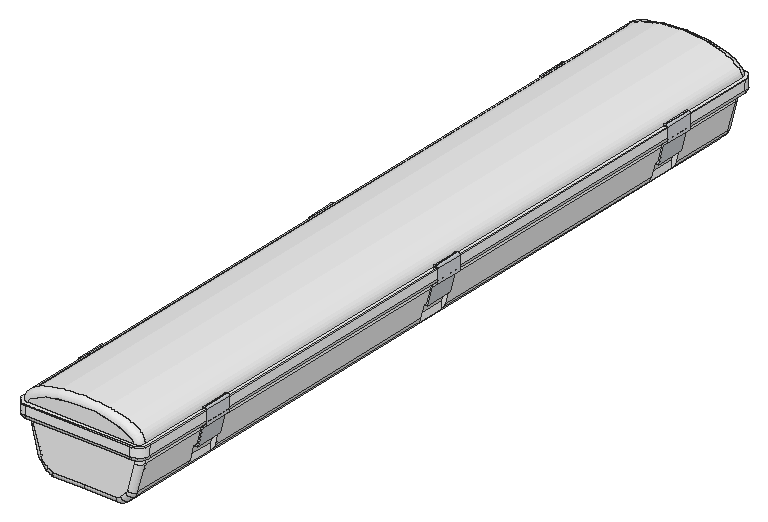
Revit family "0048690 Feilo Sylvania Lighting Fixture SYLPRF SUP LED G3 600MM T 4K", category Lighting Fixtures, host Face, Revit 2016
Family settings
  Host = Face
  Part Type = Normal
  Round Connector Dimension = Use Diameter
  OmniClass Number = 23.80.70.11.14
  OmniClass Title = General Luminaries, Directional
  Cut with Voids When Loaded = No
  Light Source = Yes
  Shared = No
  Room Calculation Point = No
Parameters (values of type "0048690 SYLPRF SUP LED G3 600MM T 4K  ")
  Width = 110 mm
  Weight = "1.18 kg"
  Wattage Comments = "n/a"
  Wattage = 19 W
  WarrantyStartDate [instance] = "n/a"
  WarrantyGuarantorParts = "n/a"
  WarrantyDurationUnit = "n/a"
  WarrantyDurationParts = "n/a"
  WarrantyDescription = "n/a"
  built-in parameter 1150110 = 1 (stored number, unit not read)
  Voltage = 230 V
  URL = "http://www.sylvania-lighting.com"
  TypeName = "SYLPRF SUP LED G3 600MM T 4K"
  Type Image = <None>
  Type Comments = "n/a"
  built-in parameter 1114217 = 1 (stored number, unit not read)
  Tilt Angle = -90.00°
  built-in parameter 1150109 = 1 (stored number, unit not read)
  built-in parameter 1150134 = 12
  built-in parameter 1150113 = 1 (stored number, unit not read)
  SerialNumber [instance] = "n/a"
  ReflectorMaterial = none
  PowerFactor = 0
  PowerConsumption = "19 W"
  Photometric Web File = "0048690.ies"
  NominalWidth = 0 mm
  NominalLength = 665 mm
  NominalHeight = 78 mm
  Name = "SYLPRF SUP LED G3 600MM T 4K"
  ModelReference = "SYLPRF SUP LED G3 600MM T 4K"
  ModelNumber = "0048690"
  Model = "SYLPRF SUP LED G3 600MM T 4K"
  Material = "grp housing, polycarbonate diffuser"
  ManufacturerName = "Feilo Sylvania"
  Manufacturer = "Feilo Sylvania"
  LuminousEfficacy = "140 lm/W"
  built-in parameter 1150105 = 211.68 (stored number, unit not read)
  Lumens = 2660 lm
  LuminaireType = ""
  built-in parameter 1150115 = 1 (stored number, unit not read)
  LightOutputRatio = "n/a"
  built-in parameter 1150137 = (empty or 0)
  built-in parameter 1150139 = (empty or 0)
  Length = 665 mm
  LampsType = Lamp  # "LED"
  LampNominalLuminous = "2700 lm"
  LampMacAdamStep = "3"
  LampColourTemperature = "4000 K"
  LampColourRenderingIndex = "80"
  built-in parameter 1150112 = 1 (stored number, unit not read)
  built-in parameter 1150114 = 1 (stored number, unit not read)
  Lamp = "LED"
  Keynote = "16500"
  InstallationDate [instance] = "n/a"
  InputVoltage = "220-240V~"
  InputNominalFrequency = "50/60 Hz"
  built-in parameter 1150132 = (empty or 0)
  built-in parameter 1150102 = (empty or 0)
  built-in parameter 1150107 = 4000 (stored number, unit not read)
  built-in parameter 1150138 = (empty or 0)
  IngressProtection = "IP65"
  ImpactProtectionIndex = "IK08"
  built-in parameter 1150106 = 2.1168 (stored number, unit not read)
  IfcExportType = "IfcLightFixtureType"
  IfcExportAs = "IfcLightFixtureType"
  ExpectedLife = 50000
  Emit from Rectangle Width = Width - 20 mm  # 90 mm
  Emit from Rectangle Length = Length - 20 mm  # 645 mm
  Emit Shape Visible in Rendering = no
  ElectricShockClassification = "Class I"
  built-in parameter 1150104 = 13.006 (stored number, unit not read)
  DurationUnit = "hours"
  DocumentationLiterature = "http://www.sylvania-lighting.com/product/en-int/products/0048690"
  DimmingControlOptions = "Non dimmable"
  Dimming Lamp Color Temperature Shift = <None>
  DiffuserMaterial = Diffuser-Sylvania-Transparent
  Description = "Sylproof Superia, integrated LED weatherproof luminaire, with UV stabilized flat diffuser and linear prisms designed to achieve uniform lit appearance, optimise light output and to reduce glare, stainless steel diffuser clips and fixing brackets for surface and wall mounting. L 665 mm x W 110 mm x H 78 mm size, GRP housing, Polycarbonate diffuser, Non dimmable,   4000K, CRI80,  2700 lm, 19 W, 140 lm/W, nominal average life (h):50000, energy class: A++ A+ A Class I, IK08, IP65."
  Default Elevation = 1219.2 mm
  CreatedOn = "3/27/2018"
  CreatedBy = "aron.fodor@feilosylvania.com"
  Cost = 0
  Color Filter = 16777215
  built-in parameter 1114216 [instance] = (empty or 0)
  ClassificationValue = "EF_70_80"
  ClassificationName = "Uniclass2015"
  BracketOffset_FEILO = 360 mm
  BodyMaterial = Body-Sylvania-Gray
  BarCode [instance] = "n/a"
  built-in parameter 1114218 = 1 (stored number, unit not read)
  built-in parameter 1150133 = 10 (stored number, unit not read)
  AssetType = "Fixed"
  AssetIdentifier [instance] = "n/a"
  Assembly Code = "D5020200"
  Apparent Load = 19 VA
  AccessoryMaterial = Diffuser-Sylvania-Glow
Reference planes
  plane 1 "Center (Front/Back)": y = 0
  plane 2: z = 0
  plane 3 "Center (Left/Right)": x = 0
  plane 4: z = 54
  plane 5: x = -27.7
  plane 6: x = -34.8
  plane 7: x = -39.6
  plane 8: x = -42.2
  plane 9: z = 3
  plane 10: z = 7.8
  plane 11: z = 12.3
  plane 12: z = 36.6
  plane 13: z = 42.8
  plane 14: x = -51.1
  plane 15: z = 46.2
  plane 16: x = -55
  plane 17: y = 332.5
  plane 18: y = -332.5
  plane 19: x = 27.7
  plane 20: x = 34.8
  plane 21: x = 39.6
  plane 22: x = 42.2
  plane 23: x = 51.1
  plane 24: x = 55
  plane 25: y = 324.9
  plane 26: y = -324.9
  plane 27: y = -321.2
  plane 28: y = 321.2
  plane 29: z = 74
  plane 30: x = -51.5
  plane 31: x = 51.5
  plane 32: z = 55.2
  plane 33: y = -329
  plane 34: y = 329
  plane 35: x = -37.5
  plane 36: x = 37.5
  plane 37: x = -48.7
  plane 38: x = 48.7
  plane 39: x = 18
  plane 40: x = -18
  plane 41: z = 50.2
  plane 42: z = 24.6
  plane 43: y = 720
  plane 44: y = 706
  plane 45: y = 734
  plane 46: y = 250
  plane 47: y = 236
  plane 48: y = 264
  plane 49: y = 0
  plane 50: y = -14
  plane 51: y = 14
  plane 52: y = -250
  plane 53: y = -264
  plane 54: y = -236
Forms (mm)
  Sweep 1, solid, material "Body-Sylvania-Gray" <- "BodyMaterial", detail levels medium+fine
    path origin (1223.4, -4572, 54) x (0, -1, 0) y (1, 0, 0)
      loop
        arc (-4249.5, -1278.4) -> (-4242.429, -1275.471) -> (-4239.5, -1268.4) r 10
        line (-4239.5, -1268.4) -> (-4239.5, -1178.4)
        arc (-4239.5, -1178.4) -> (-4242.429, -1171.329) -> (-4249.5, -1168.4) r 10
        line (-4249.5, -1168.4) -> (-4894.5, -1168.4)
        arc (-4894.5, -1168.4) -> (-4901.571, -1171.329) -> (-4904.5, -1178.4) r 10
        line (-4904.5, -1178.4) -> (-4904.5, -1268.4)
        arc (-4904.5, -1268.4) -> (-4901.571, -1275.471) -> (-4894.5, -1278.4) r 10
        line (-4894.5, -1278.4) -> (-4249.5, -1278.4)
    profile origin (-55, 0, 54) x (-1, 0, 0) y (0, 0, 1)
      loop
        line (0, 0) -> (-1, 0) -> (-1, -7.726)
        arc (-1, -7.726) -> (-1.994, -9.498) -> (-3.9, -10.2) r 2.937
        line (-3.9, -10.2) -> (-8.571, -10.2) -> (-8.571, -11.2) -> (-3.9, -11.2)
        arc (-3.9, -11.2) -> (-1.313, -10.231) -> (0, -7.8) r 3.937
        line (0, -7.8) -> (0, 0)
  Sweep 2, solid, material "Body-Sylvania-Gray" <- "BodyMaterial", detail levels medium+fine
    path origin (0, 0, 0) x (1, 0, 0) y (0, 0, 1)
      loop
        line (48.7, 42.8) -> (48.7, 36.6) -> (42.203, 12.31)
        arc (42.203, 12.31) -> (41.199, 9.884) -> (39.6, 7.8) r 10.052
        line (39.6, 7.8) -> (34.8, 3)
        arc (34.8, 3) -> (31.554, 0.781) -> (27.7, 0) r 9.902
        line (27.7, 0) -> (0, 0) -> (-27.7, 0)
        arc (-27.7, 0) -> (-31.554, 0.781) -> (-34.8, 3) r 9.902
        line (-34.8, 3) -> (-39.6, 7.8)
        arc (-39.6, 7.8) -> (-41.199, 9.884) -> (-42.203, 12.31) r 10.052
        line (-42.203, 12.31) -> (-48.7, 36.6) -> (-48.7, 42.8)
    profile origin (0, 0, 0) x (0, 0, -1) y (0, -1, 0)
      loop
        arc (0, 319.9) -> (-1.464, 323.436) -> (-5, 324.9) r 5
        line (-5, 324.9) -> (-7.8, 324.9) -> (-7.8, -324.9) -> (-5, -324.9)
        arc (-5, -324.9) -> (-1.464, -323.436) -> (0, -319.9) r 5
        line (0, -319.9) -> (0, 319.9)
  Extrusion 3, solid, material "Body-Sylvania-Gray" <- "BodyMaterial", detail levels medium+fine
    sketch origin (1524, 324.9, 1219.2) x (1, 0, 0) y (0, 0, 1)
      loop
        arc (-1558.668, -1204.874) -> (-1558.443, -1205.418) -> (-1558.085, -1205.885) r 2.252
        line (-1558.085, -1205.885) -> (-1553.231, -1210.738)
        arc (-1553.231, -1210.738) -> (-1552.534, -1211.227) -> (-1551.7, -1211.4) r 2.102
        line (-1551.7, -1211.4) -> (-1496.3, -1211.4)
        arc (-1496.3, -1211.4) -> (-1495.466, -1211.227) -> (-1494.769, -1210.738) r 2.102
        line (-1494.769, -1210.738) -> (-1489.915, -1205.885)
        arc (-1489.915, -1205.885) -> (-1489.557, -1205.418) -> (-1489.332, -1204.874) r 2.252
        line (-1489.332, -1204.874) -> (-1483.1, -1181.575) -> (-1483.1, -1176.4) -> (-1564.9, -1176.4) -> (-1564.9, -1181.575) -> (-1558.668, -1204.874)
    from 0 to 649.8
  Sweep 4, solid, material "Diffuser-Sylvania-Transparent" <- "DiffuserMaterial", detail levels medium+fine
    path origin (0, 0, 0) x (1, 0, 0) y (0, 0, 1)
      loop
        spline (-51.5, 55.2) -> (-49.745, 60.066) -> (-44.6, 64.6) -> (-36.416, 68.494) -> (-25.75, 71.481) -> (-13.329, 73.359) -> (0, 74) -> (13.329, 73.359) -> (25.75, 71.481) -> (36.416, 68.494) -> (44.6, 64.6) -> (49.745, 60.066) -> (51.5, 55.2)
    profile origin (51.5, 0, 55.2) x (0, -1, 0) y (1, 0, 0)
      loop
        arc (329, -5.5) -> (327.389, -1.611) -> (323.5, 0) r 5.5
        line (323.5, 0) -> (-323.5, 0)
        arc (-323.5, 0) -> (-327.389, -1.611) -> (-329, -5.5) r 5.5
        line (-329, -5.5) -> (-329, -6.3) -> (-328, -6.3) -> (-328, -5.5)
        arc (-328, -5.5) -> (-326.682, -2.318) -> (-323.5, -1) r 4.5
        line (-323.5, -1) -> (323.5, -1)
        arc (323.5, -1) -> (326.682, -2.318) -> (328, -5.5) r 4.5
        line (328, -5.5) -> (328, -6.347) -> (329, -6.347) -> (329, -5.5)
  Extrusion 5, solid, material "Diffuser-Sylvania-Transparent" <- "DiffuserMaterial", detail levels medium+fine
    sketch origin (1524, -329, 1219.2) x (1, 0, 0) y (0, 0, 1)
      loop
        line (-1569.653, -1164) -> (-1478.347, -1164)
        spline (-1478.347, -1164) -> (-1478.969, -1162.594) -> (-1482.527, -1159.545) -> (-1489.588, -1156.201) -> (-1499.458, -1153.445) -> (-1511.242, -1151.663) -> (-1524, -1151.049) -> (-1536.758, -1151.663) -> (-1548.542, -1153.445) -> (-1558.412, -1156.201) -> (-1565.473, -1159.545) -> (-1569.031, -1162.594) -> (-1569.653, -1164)
    from 0 to -1
  Extrusion 6, solid, material "Diffuser-Sylvania-Transparent" <- "DiffuserMaterial", detail levels medium+fine
    sketch origin (1524, 329, 1219.2) x (1, 0, 0) y (0, 0, 1)
      loop
        spline (-1478.3, -1164) -> (-1478.931, -1162.565) -> (-1482.502, -1159.505) -> (-1489.572, -1156.155) -> (-1499.446, -1153.394) -> (-1511.236, -1151.614) -> (-1524, -1151.007) -> (-1536.764, -1151.614) -> (-1548.554, -1153.394) -> (-1558.428, -1156.155) -> (-1565.498, -1159.505) -> (-1569.069, -1162.565) -> (-1569.7, -1164)
        line (-1569.7, -1164) -> (-1478.3, -1164)
    from 0 to 1
  Extrusion 7, solid, material "Diffuser-Sylvania-Transparent" <- "DiffuserMaterial", detail levels medium+fine
    sketch origin (1223.4, -4572, 55.2) x (0, -1, 0) y (-1, 0, 0)
      loop
        arc (-4900, 1177.4) -> (-4898.682, 1174.218) -> (-4895.5, 1172.9) r 4.5
        line (-4895.5, 1172.9) -> (-4248.5, 1172.9)
        arc (-4248.5, 1172.9) -> (-4245.318, 1174.218) -> (-4244, 1177.4) r 4.5
        line (-4244, 1177.4) -> (-4244, 1269.4)
        arc (-4244, 1269.4) -> (-4245.318, 1272.582) -> (-4248.5, 1273.9) r 4.5
        line (-4248.5, 1273.9) -> (-4895.5, 1273.9)
        arc (-4895.5, 1273.9) -> (-4898.682, 1272.582) -> (-4900, 1269.4) r 4.5
        line (-4900, 1269.4) -> (-4900, 1177.4)
      loop
        line (-4904.5, 1268.4) -> (-4904.5, 1178.4)
        arc (-4904.5, 1178.4) -> (-4901.571, 1171.329) -> (-4894.5, 1168.4) r 10
        line (-4894.5, 1168.4) -> (-4249.5, 1168.4)
        arc (-4249.5, 1168.4) -> (-4242.429, 1171.329) -> (-4239.5, 1178.4) r 10
        line (-4239.5, 1178.4) -> (-4239.5, 1268.4)
        arc (-4239.5, 1268.4) -> (-4242.429, 1275.471) -> (-4249.5, 1278.4) r 10
        line (-4249.5, 1278.4) -> (-4894.5, 1278.4)
        arc (-4894.5, 1278.4) -> (-4901.571, 1275.471) -> (-4904.5, 1268.4) r 10
    from 0 to 1.2
  Extrusion 8, solid, material "Diffuser-Sylvania-Glow" <- "AccessoryMaterial", detail levels fine
    sketch origin (0, 0, 0) x (1, 0, 0) y (0, 0, 1)
      loop
        circle (-18, 50.2) r 8
      loop
        circle (18, 50.2) r 8
    from -321.2 to 321.2
  Extrusion 9, solid, material "Body-Sylvania-Gray" <- "BodyMaterial", detail levels coarse
    sketch origin (0, 0, 0) x (1, 0, 0) y (0, 0, 1)
      loop
        line (55, 42.8) -> (55, 55.2) -> (-55, 55.2) -> (-55, 42.791) -> (-42.2, 0) -> (42.2, 0) -> (55, 42.8)
    from -332.5 to 332.5
  Extrusion 10, solid, material "Diffuser-Sylvania-Transparent" <- "DiffuserMaterial", detail levels coarse
    sketch origin (0, 0, 0) x (1, 0, 0) y (0, 0, 1)
      loop
        arc (51.5, 55.2) -> (0, 74) -> (-51.5, 55.2) r 79.939
        line (-51.5, 55.2) -> (51.5, 55.2)
    from 324.9 to -324.9
  Extrusion 11, void, not visible
    sketch origin (0, 720, 2343.807) x (0, 0, -1) y (-1, 0, 0)
      loop
        line (2340.807, -37.5) -> (2331.507, -37.5) -> (2319.207, -42.2) -> (2319.207, -48.7) -> (2340.807, -48.7) -> (2340.807, -37.5)
      loop
        line (2340.807, 37.5) -> (2340.807, 48.7) -> (2319.207, 48.7) -> (2319.207, 42.2) -> (2331.507, 37.5) -> (2340.807, 37.5)
    from -14 to 14
  Extrusion 12, void
    sketch origin (0, 250, 2343.807) x (0, 0, -1) y (-1, 0, 0)
      loop
        line (2340.807, -37.5) -> (2331.507, -37.5) -> (2319.207, -42.2) -> (2319.207, -48.7) -> (2340.807, -48.7) -> (2340.807, -37.5)
      loop
        line (2340.807, 37.5) -> (2340.807, 48.7) -> (2319.207, 48.7) -> (2319.207, 42.2) -> (2331.507, 37.5) -> (2340.807, 37.5)
    from -14 to 14
  Extrusion 13, void
    sketch origin (0, 0, 2343.807) x (0, 0, -1) y (-1, 0, 0)
      loop
        line (2340.807, -37.5) -> (2331.507, -37.5) -> (2319.207, -42.2) -> (2319.207, -48.7) -> (2340.807, -48.7) -> (2340.807, -37.5)
      loop
        line (2340.807, 37.5) -> (2340.807, 48.7) -> (2319.207, 48.7) -> (2319.207, 42.2) -> (2331.507, 37.5) -> (2340.807, 37.5)
    from -14 to 14
  Extrusion 14, void
    sketch origin (0, -250, 2343.807) x (0, 0, -1) y (-1, 0, 0)
      loop
        line (2340.807, -37.5) -> (2331.507, -37.5) -> (2319.207, -42.2) -> (2319.207, -48.7) -> (2340.807, -48.7) -> (2340.807, -37.5)
      loop
        line (2340.807, 37.5) -> (2340.807, 48.7) -> (2319.207, 48.7) -> (2319.207, 42.2) -> (2331.507, 37.5) -> (2340.807, 37.5)
    from -14 to 14
Cuts and joins
  Extrusion 12, Extrusion 13, Extrusion 14 cuts Sweep 2
  Extrusion 12, Extrusion 13, Extrusion 14 cuts Extrusion 3
  joined: Sweep 2, Extrusion 3
  joined: Sweep 4, Extrusion 5, Extrusion 6
Dimensions and locks
  locked: plane 4 to plane 2 at 54
  plane 5 to plane 6 to plane 7 to plane 8 to plane 14 to plane 16 = 7.1 mm locked, 4.8 mm locked, 2.6 mm locked, 8.9 mm, 3.9 mm
  plane 4 to plane 15 to plane 13 to plane 12 to plane 11 to plane 10 to plane 9 = 7.8 mm locked, 3.4 mm, 6.2 mm locked, 24.3 mm locked, 4.5 mm locked, 4.8 mm locked
  equal spacing: plane 18, plane 1 "Center (Front/Back)", plane 17
  "Length": plane 18 to plane 17
  plane 19 to plane 20 to plane 21 to plane 22 to plane 23 to plane 24 = 7.1 mm locked, 4.8 mm locked, 2.6 mm locked, 8.9 mm, 3.9 mm
  equal spacing: plane 24, plane 3 "Center (Left/Right)", plane 16
  "Width": plane 24 to plane 16
  equal spacing: plane 27, plane 1 "Center (Front/Back)", plane 28
  locked: plane 26 to plane 27 at 3.7
  locked: Sweep 1 sketch curve to profile plane at 1
  locked: Sweep 1 sketch curve to plane 13 at 1
  locked: Sweep 1 sketch curve to plane 13 at 3.937  (x2)
  locked: Sweep 1 sketch curve to profile plane at 3.9  (x2)
  locked: plane 29 to plane 4 at 20
  equal spacing: plane 31, plane 3 "Center (Left/Right)", plane 30
  locked: plane 30 to plane 16 at 3.5
  locked: plane 32 to plane 4 at 1.2
  equal spacing: plane 33, plane 1 "Center (Front/Back)", plane 34
  equal spacing: plane 36, plane 3 "Center (Left/Right)", plane 35
  locked: plane 3 "Center (Left/Right)" to plane 35 at 37.5
  locked: plane 34 to plane 17 at 3.5
  equal spacing: plane 38, plane 3 "Center (Left/Right)", plane 37
  locked: plane 37 to plane 16 at 6.3
  equal spacing: plane 25, plane 1 "Center (Front/Back)", plane 26
  locked: plane 17 to plane 25 at 7.6
  locked: Sweep 2 sketch curve to plane 2 at 5  (x2)
  locked: Sweep 2 sketch curve to plane 26 at 5
  locked: plane 25 to Sweep 2 sketch curve at 5
  locked: Sweep 4 sketch curve to plane 31 at 5.5  (x2)
  locked: Sweep 4 sketch curve to plane 34 at 5.5
  plane 33 to Sweep 4 sketch curve = 5.5 mm
  locked: plane 34 to Sweep 4 sketch curve at 1
  locked: Sweep 4 sketch curve to plane 31 at 1
  locked: Sweep 4 sketch curve to Sweep 4 sketch curve at 1
  locked: Sweep 4 sketch curve to plane 31 at 6.347
  locked: Sweep 4 sketch curve to plane 31 at 6.3
  equal spacing: plane 39, plane 3 "Center (Left/Right)", plane 40
  locked: plane 3 "Center (Left/Right)" to plane 40 at 18
  locked: plane 42 to plane 2 at 24.6
  plane 45 to plane 43 to plane 44 = 14 mm locked, 14 mm locked
  plane 48 to plane 46 to plane 47 = 14 mm locked, 14 mm locked
  plane 51 to plane 49 to plane 50 = 14 mm locked, 14 mm locked
  plane 54 to plane 52 to plane 53 = 14 mm locked, 14 mm locked
  equal spacing: plane 46, plane 1 "Center (Front/Back)", plane 52
  locked: plane 46 to plane 1 "Center (Front/Back)" at 250
  aligned and locked: plane 2 to host face
  aligned and locked: level to host face
  aligned and locked: plane 16 to Sweep 1 sketch curve
  aligned and locked: Sweep 1 sketch curve to plane 24
  aligned and locked: plane 18 to Sweep 1 sketch curve
  aligned and locked: Sweep 1 sketch curve to plane 13
  aligned and locked: profile plane to Sweep 1 sketch curve
  aligned and locked: plane 3 "Center (Left/Right)" to Sweep 2 sketch curve
  aligned and locked: plane 9 to Sweep 2 sketch curve
  aligned and locked: plane 10 to Sweep 2 sketch curve
  aligned and locked: plane 37 to Sweep 2 sketch curve
  aligned and locked: plane 12 to Sweep 2 sketch curve
  aligned and locked: Sweep 2 sketch curve to level
  aligned and locked: plane 21 to Sweep 2 sketch curve
  aligned and locked: plane 38 to Sweep 2 sketch curve
  aligned and locked: profile plane to Sweep 2 sketch curve
  aligned and locked: plane 25 to Sweep 2 sketch curve
  aligned and locked: Sweep 2 sketch curve to plane 10
  aligned and locked: Extrusion 3 sketch curve to Sweep 2  (x7)
  aligned and locked: Sweep 2 to Extrusion 3 sketch curve
  aligned and locked: Extrusion 3 to plane 25
  aligned and locked: plane 26 to Extrusion 3
  aligned and locked: plane 32 to Sweep 4 sketch curve
  aligned and locked: plane 33 to Sweep 4 sketch curve
  aligned and locked: Sweep 4 to Extrusion 5
  aligned and locked: plane 33 to Extrusion 5
  aligned and locked: Extrusion 5 sketch curve to Sweep 4
  aligned and locked: cut or joined group of Sweep 4, Extrusion 5, Extrusion 6 to Extrusion 6 sketch curve
  aligned and locked: Extrusion 7 sketch curve to cut or joined group of Sweep 4, Extrusion 5, Extrusion 6  (x2)
  aligned and locked: cut or joined group of Sweep 4, Extrusion 5, Extrusion 6 to Extrusion 7 sketch curve  (x2)
  aligned and locked: plane 41 to Extrusion 8 sketch curve  (x2)
  aligned and locked: plane 39 to Extrusion 8 sketch curve
  aligned and locked: plane 27 to Extrusion 8
  aligned and locked: Extrusion 8 to plane 28
  aligned and locked: Extrusion 7 sketch curve to Sweep 1  (x4)
  aligned and locked: plane 4 to Extrusion 7
  aligned and locked: Extrusion 7 to plane 32
  aligned and locked: Extrusion 9 sketch curve to plane 24
  aligned and locked: Extrusion 9 sketch curve to Extrusion 7
  aligned and locked: plane 8 to Extrusion 9 sketch curve
  aligned and locked: plane 22 to Extrusion 9 sketch curve
  aligned and locked: level to Extrusion 9 sketch curve
  aligned and locked: Extrusion 9 to plane 17
  aligned and locked: plane 18 to Extrusion 9
  aligned and locked: cut or joined group of Sweep 4, Extrusion 5, Extrusion 6 to Extrusion 10 sketch curve
  aligned and locked: Extrusion 10 sketch curve to cut or joined group of Sweep 4, Extrusion 5, Extrusion 6  (x2)
  aligned and locked: plane 31 to Extrusion 10 sketch curve
  aligned and locked: plane 30 to Extrusion 10 sketch curve
  aligned and locked: plane 26 to Extrusion 10
  aligned and locked: Extrusion 10 to plane 25
  aligned and locked: imposter light to plane 29
  aligned and locked: plane 3 "Center (Left/Right)" to imposter light
  aligned and locked: plane 1 "Center (Front/Back)" to imposter light
  aligned and locked: plane 47 to Extrusion 12
  aligned and locked: Extrusion 12 to plane 48
  aligned and locked: plane 50 to Extrusion 13
  aligned and locked: Extrusion 13 to plane 51
  aligned and locked: plane 53 to Extrusion 14
  aligned and locked: Extrusion 14 to plane 54
  aligned and locked: nested 1 to plane 46
  aligned and locked: plane 46 to nested 6
  aligned and locked: nested 2 to plane 49
  aligned and locked: plane 49 to nested 5
  aligned and locked: nested 3 to plane 52
  aligned and locked: plane 52 to nested 4
  aligned and locked: plane 49 to plane 1 "Center (Front/Back)"
Automatic sketch dimensions
  host sketch curve to host sketch curve = 2438.4 mm  (x2)
  plane 17 to Sweep 1 sketch curve = 0 mm
  Sweep 1 sketch curve to plane 28 = 1.3 mm
  Sweep 1 sketch curve to plane 7 = 5.4 mm
  plane 27 to Sweep 1 sketch curve = 1.3 mm  (x2)
  Sweep 1 sketch curve to Sweep 1 sketch curve = 4.671 mm
  Sweep 1 sketch curve to plane 4 = 0 mm
  Sweep 2 sketch curve to plane 7 = 0 mm
  Sweep 2 sketch curve to plane 6 = 0 mm
  Sweep 2 sketch curve to plane 5 = 0 mm
  plane 19 to Sweep 2 sketch curve = 0 mm
  Sweep 2 sketch curve to plane 9 = 0 mm
  plane 20 to Sweep 2 sketch curve = 0 mm
  Sweep 2 sketch curve to plane 12 = 0 mm
  Sweep 2 sketch curve to plane 10 = 0 mm
  Sweep 2 sketch curve to plane 13 = 0 mm  (x2)
  Sweep 2 sketch curve to plane 8 = 0.003 mm
  plane 6 to Sweep 2 sketch curve = 2.308 mm
  plane 20 to Sweep 2 sketch curve = 2.308 mm
  Sweep 2 sketch curve to plane 22 = 0.003 mm
  Sweep 2 sketch curve to plane 11 = 0.01 mm  (x2)
  Extrusion 3 sketch curve to plane 5 = 0 mm
  plane 19 to Extrusion 3 sketch curve = 0 mm
  plane 6 to Extrusion 3 sketch curve = 0.132 mm
  plane 6 to Extrusion 3 sketch curve = 0.715 mm
  Extrusion 3 sketch curve to Extrusion 3 sketch curve = 1.592 mm
  Extrusion 3 sketch curve to plane 10 = 0.662 mm  (x2)
  plane 20 to Extrusion 3 sketch curve = 2.308 mm
  plane 20 to Extrusion 3 sketch curve = 0.715 mm
  plane 20 to Extrusion 3 sketch curve = 0.132 mm
  Sweep 4 sketch curve to plane 30 = 0 mm
  Sweep 4 sketch curve to plane 3 "Center (Left/Right)" = 0 mm
  Sweep 4 sketch curve to Sweep 4 sketch curve = 0 mm  (x2)
  plane 37 to Extrusion 5 sketch curve = 3.047 mm
  Extrusion 5 sketch curve to plane 38 = 3.047 mm
  plane 37 to Extrusion 6 sketch curve = 3 mm
  Extrusion 6 sketch curve to plane 38 = 3 mm
  plane 25 to Extrusion 7 sketch curve = 1.4 mm  (x2)
  Extrusion 7 sketch curve to plane 26 = 1.4 mm  (x2)
  Extrusion 8 sketch curve to plane 40 = 0 mm
  Extrusion 9 sketch curve to plane 13 = 0 mm
  plane 13 to Extrusion 9 sketch curve = 0.009 mm
  Extrusion 10 sketch curve to level = 5.939 mm
  Extrusion 9 sketch curve to plane 16 = 0 mm
  Extrusion 11 sketch curve to Extrusion 11 sketch curve = 0 mm
  Extrusion 11 sketch curve to Extrusion 11 sketch curve = 12.3 mm  (x2)
  Extrusion 11 sketch curve to Extrusion 11 sketch curve = 9.3 mm  (x2)
  Extrusion 11 sketch curve to Extrusion 11 sketch curve = 6.5 mm
  Extrusion 11 sketch curve to Extrusion 11 sketch curve = 4.7 mm  (x2)
  Extrusion 11 sketch curve to Extrusion 11 sketch curve = 75 mm
  Extrusion 11 sketch curve to Extrusion 11 sketch curve = 11.2 mm
  Extrusion 12 sketch curve to Extrusion 12 sketch curve = 0 mm
  Extrusion 12 sketch curve to Extrusion 12 sketch curve = 12.3 mm  (x2)
  Extrusion 12 sketch curve to Extrusion 12 sketch curve = 9.3 mm  (x2)
  Extrusion 12 sketch curve to Extrusion 12 sketch curve = 6.5 mm
  Extrusion 12 sketch curve to Extrusion 12 sketch curve = 4.7 mm  (x2)
  Extrusion 12 sketch curve to Extrusion 12 sketch curve = 75 mm
  Extrusion 12 sketch curve to Extrusion 12 sketch curve = 11.2 mm
  Extrusion 13 sketch curve to Extrusion 13 sketch curve = 0 mm
  Extrusion 13 sketch curve to Extrusion 13 sketch curve = 12.3 mm  (x2)
  Extrusion 13 sketch curve to Extrusion 13 sketch curve = 9.3 mm  (x2)
  Extrusion 13 sketch curve to Extrusion 13 sketch curve = 6.5 mm
  Extrusion 13 sketch curve to Extrusion 13 sketch curve = 4.7 mm  (x2)
  Extrusion 13 sketch curve to Extrusion 13 sketch curve = 75 mm
  Extrusion 13 sketch curve to Extrusion 13 sketch curve = 11.2 mm
  Extrusion 14 sketch curve to Extrusion 14 sketch curve = 0 mm
  Extrusion 14 sketch curve to Extrusion 14 sketch curve = 12.3 mm  (x2)
  Extrusion 14 sketch curve to Extrusion 14 sketch curve = 9.3 mm  (x2)
  Extrusion 14 sketch curve to Extrusion 14 sketch curve = 6.5 mm
  Extrusion 14 sketch curve to Extrusion 14 sketch curve = 4.7 mm  (x2)
  Extrusion 14 sketch curve to Extrusion 14 sketch curve = 75 mm
  Extrusion 14 sketch curve to Extrusion 14 sketch curve = 11.2 mm
  radius of Extrusion 8 sketch curve = 8 mm  (x2)
Nested families
  nested 1: "Clip" at (-42.2, 250, 24.6) x (-1, 0, 0) z (0, 0, 1), type "Clip", detail levels fine
  nested 2: "Clip" at (-42.2, 0, 24.6) x (-1, 0, 0) z (0, 0, 1), type "Clip", detail levels fine
  nested 3: "Clip" at (-42.2, -250, 24.6) x (-1, 0, 0) z (0, 0, 1), type "Clip", detail levels fine
  nested 4: "Clip" at (42.2, -250, 24.6), type "Clip", detail levels fine
  nested 5: "Clip" at (42.2, 0, 24.6), type "Clip", detail levels fine
  nested 6: "Clip" at (42.2, 250, 24.6), type "Clip", detail levels fine
Connectors
  electrical at (0, 0, 0), driven by "Apparent Load"
    settings: index 1, voltage 230 V, apparent load 19 VA, apparent load phase1 0 VA, apparent load phase2 0 VA, apparent load phase3 0 VA, power factor 0, load classification "Lighting", number of poles 1, system type 30, power factor state 1, is connector primary yes, connector utility no, sub classification motor no, connector description ""
Definition of nested family "Clip"
  Parameters (values of type "Clip")
    URL = "http://www.feilosylvania.com"
    Type Comments = "n/a"
    Model = "n/a"
    Manufacturer = "Feilo Sylvania"
    Keynote = "n/a"
    Description = "n/a"
    Default Elevation = 1219.2 mm
    Cost = 0
    BodyMaterial = none
    Assembly Code = "n/a"
  Reference planes
    plane 1 "Center (Front/Back)": y = 0
    plane 2: z = 0
    plane 3 "Center (Left/Right)": x = 0
    plane 4: x = 3.3
    plane 5: x = 6.5
    plane 6: x = 8.9
    plane 7: x = 12.8
    plane 8: z = 12
    plane 9: z = 18.2
    plane 10: z = 21.6
    plane 11: z = 30.6
    plane 12: x = 9.3
    plane 13: z = 19.2
    plane 14: z = 16.2
    plane 15: x = 10.1
    plane 16: y = 12
    plane 17: y = -12
  Forms (mm)
    Extrusion 1, solid
      sketch origin (-0.8, 0, 0) x (1, 0, 0) y (0, 1, 0)
        loop
          line (-1219.2, 1219.2) -> (-1219.2, -1219.2) -> (1219.2, -1219.2) -> (1219.2, 1219.2) -> (-1219.2, 1219.2)
      from 0 to -304.8
    Extrusion 2, solid
      sketch origin (0, 0, 0) x (1, 0, 0) y (0, 0, 1)
        loop
          line (8.9, 16.2) -> (4.58, 0) -> (0, 0) -> (0, -0.8) -> (5.195, -0.8) -> (9.603, 15.731) -> (13.6, 18.806) -> (13.6, 30.6)
          arc (13.6, 30.6) -> (11.45, 32.75) -> (9.3, 30.6) r 2.15
          line (9.3, 30.6) -> (10.1, 30.6)
          arc (10.1, 30.6) -> (11.45, 31.95) -> (12.8, 30.6) r 1.35
          line (12.8, 30.6) -> (12.8, 19.2) -> (8.9, 16.2)
      from -12 to 12
  Lines and regions (mm)
    reference lines
      curve 1: line (3.3, 0, 0) -> (6.5, 0, 12)
      curve 2: arc (8.9, 0, 18.2) -> (11.488, 0, 19.169) -> (12.8, 0, 21.6) r 3.934
  Dimensions and locks
    plane 7 to plane 6 to plane 5 to plane 4 to plane 3 "Center (Left/Right)" = 3.9 mm locked, 2.4 mm locked, 3.2 mm locked, 3.3 mm locked
    plane 11 to plane 10 to plane 9 to plane 8 to plane 2 = 9 mm locked, 3.4 mm locked, 6.2 mm locked, 12 mm locked
    locked: plane 7 to plane 12 at 3.5
    locked: plane 13 to plane 9 at 1
    locked: plane 9 to plane 14 at 2
    locked: plane 15 to plane 12 at 0.8
    locked: plane 2 to Extrusion 2 sketch curve at 0.8
    locked: Extrusion 2 sketch curve to Extrusion 2 sketch curve at 0.8  (x3)
    locked: plane 7 to Extrusion 2 sketch curve at 1.35
    equal spacing: plane 17, plane 1 "Center (Front/Back)", plane 16
    locked: plane 1 "Center (Front/Back)" to plane 16 at 12
    aligned and locked: plane 2 to Extrusion 1
    aligned and locked: level to Extrusion 1
    aligned and locked: plane 4 to curve 1
    aligned and locked: plane 5 to curve 1
    aligned and locked: plane 6 to curve 2
    aligned and locked: plane 10 to curve 2
    aligned and locked: plane 14 to Extrusion 2 sketch curve
    aligned and locked: plane 13 to Extrusion 2 sketch curve
    aligned and locked: plane 7 to Extrusion 2 sketch curve
    aligned and locked: plane 3 "Center (Left/Right)" to Extrusion 2 sketch curve
    aligned and locked: Extrusion 2 sketch curve to level
    aligned and locked: Extrusion 2 sketch curve to plane 11
    aligned and locked: plane 11 to Extrusion 2 sketch curve
    aligned and locked: Extrusion 2 to plane 16
    aligned and locked: plane 17 to Extrusion 2
  Automatic sketch dimensions
    Extrusion 1 sketch curve to Extrusion 1 sketch curve = 2438.4 mm  (x2)
    curve 2 to plane 7 = 0 mm
    curve 1 to level = 0 mm
    curve 1 to plane 8 = 0 mm
    curve 2 to plane 9 = 0 mm
    plane 6 to curve 2 = 0.002 mm
    Extrusion 2 sketch curve to Extrusion 2 sketch curve = 0 mm
    Extrusion 2 sketch curve to plane 6 = 0 mm
    plane 4 to Extrusion 2 sketch curve = 1.28 mm
